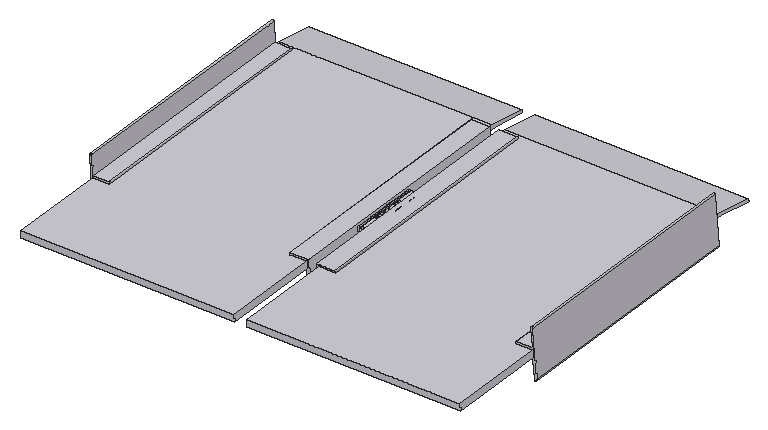
Revit family "Ramp_Wheelchair_American-Access_Sidekick-Folding", category Generic Models, Revit 2024
Family settings
  Can host rebar = No
  Round Connector Dimension = Use Diameter
  Part Type = Normal
  OmniClass Number = 23-17.23.11
  Work Plane-Based = Yes
  Always vertical = Yes
  Cut with Voids When Loaded = No
  Maintain Annotation Orientation = No
  Shared = No
  Room Calculation Point = No
Parameters (values of type "SF2")
  Weight Capacity = 800.00 lbf/ft³  # constant formula
  Weight = "12 lbs."
  Warranty Duration (Years) = 3  # constant formula
  Unit Width = 2' - 5"  # constant formula
  Unit Depth = 2' - 0"
  URL = "http://www.arcat.com/arcatcos/cos50/arc50108.html"
  Specification = "http://www.arcat.com/sd/speclist.cgi?coid=50108&mf=04&coname=American%20Access,%20Inc.&speclist=055120ame.05525ame.Modular.Aluminum.Ramps_"
  Send Message = "http://aaramps.com/our-company/contact-us/"
  Sales Information = "http://aaramps.com/dealer-access/find-a-dealer/  ---  http://aaramps.com/residential-ramps/"
  Revision = "R0_03-2018"
  Ramp Slope [instance] = 5.00°
  Ramp Material = American Access_Aluminum Deck-Sidekick
  Product Properties = "http://www.arcat.com/bim/bim_info.pl?fn="
  Product Data = "http://aaramps.com/commercial-ramps/"
  Post Material = American Access_Aluminum
  OmniClass Title = "Ramps"
  OmniClass Number = ""
  Model = "SF2"
  Manufacturer Website = "www.aaramps.com"
  Manufacturer Phone = "888-790-9269"
  Manufacturer Fax = "866-734-7267"
  Manufacturer Email = "http://aaramps.com/our-company/contact-us/"
  Manufacturer Address = "3150 Stage Post Dr.Suite 101 Bartlett, TN 38133"
  Manufacturer = "American Access, Inc."
  Keynote = "05 51 20"
  Installation-Fabrication = "http://www.arcat.com/catalogs/ameracc/patriot-modularramp/html5/index.html?coid=50108"
  Installation Phase = "Modular Aluminum Ramps"
  Drawn By = "Sumex Design, Inc. / Robert S. Weygant, CSI, CDT, SCIP"
  Description = "American Access Sidekick Foldable Threshold Ramp - 24 x 34"
  Default Elevation = 4' - 0"
  Cost = 0
  Copyright = "2018 ARCAT, Inc."
  Construction Details = "http://www.arcat.com/content?coid=50108&w=ameracc&prodid=167770&mf=&type=cad&qstr=3645"
  Company_ID = 50108
  Building Codes = "http://aaramps.com/resources/"
  Assembly Code = "F1010200"
Types (5): name | Weight | Unit Depth | Ramp Slope | Model | Description
  SF3 | "18 lbs." | 3' - 0" | 1.00° | "SF3" | "American Access Sidekick Foldable Threshold Ramp - 36 x 34"
  SF4 | "24 lbs." | 4' - 0" | 1.00° | "SF3" | "American Access Sidekick Foldable Threshold Ramp - 48 x 34"
  SF5 | "31 lbs." | 5' - 0" | 1.00° | "SF5" | "American Access Sidekick Foldable Threshold Ramp - 60 x 34"
  SF6 | "37 lbs." | 6' - 0" | 1.00° | "SF6" | "American Access Sidekick Foldable Threshold Ramp - 72 x 34"
  SF2 | "12 lbs." | 2' - 0" | 5.00° | "SF2" | "American Access Sidekick Foldable Threshold Ramp - 24 x 34"
Reference planes (in)
  plane 1 "Center (Front/Back)": y = 7.5
  plane 2: z = 0
  plane 3 "Center (Left/Right)": x = 0
  plane 4: x = -14.5
  plane 5: x = 14.5
  plane 6: y = 0
  plane 7: y = 15
  plane 8: z = -13
  plane 9: y = -6
  plane 10: y = 18
  plane 11: x = -0.41016
  plane 12: x = 0.41016
  plane 13: y = 4
  plane 14: y = 8
Forms (in)
  Extrusion 1, solid, material "American Access_Aluminum Deck-Sidekick" <- "Ramp Material"
    sketch origin (0, 5.77498, 2.78409) x (0, -0.996195, -0.087156) y (0, 0.087156, -0.996195)
      loop
        line (11.83471, -0.00859) -> (11.83849, 0.42476) -> (-8.97133, 0.42476) -> (-8.97133, 0.20808) -> (-9.78242, 0.20808) -> (-11.97944, 0.59199) -> (-11.98093, 0.42062) -> (-9.52469, -0.00859) -> (11.83471, -0.00859)
    from -14.5 to -0.41016
  Sweep 2, solid, material "American Access_Aluminum"
    path origin (0, -23.9868, 0) x (0, 0.99173, 0.128345) y (0, -0.128345, 0.99173)
      loop
        line (39.09785, -1.65413) -> (24.05348, -1.03043)
    profile origin (0, 7.5, 2.72139) x (0, 0.087156, -0.996195) y (1, 0, 0)
      loop
        line (-0.21667, -14.5) -> (-0.21667, -13.43)
        spline (-0.21667, -13.43) -> (-0.21871, -13.41447) -> (-0.22468, -13.4) -> (-0.23418, -13.38757) -> (-0.24656, -13.37804) -> (-0.26097, -13.37204) -> (-0.27644, -13.37) -> (-0.29191, -13.37204) -> (-0.30633, -13.37804) -> (-0.31871, -13.38757) -> (-0.32821, -13.4) -> (-0.33418, -13.41447) -> (-0.33622, -13.43)
        line (-0.33622, -13.43) -> (-0.33622, -14.5) -> (-1.5964, -14.5)
        spline (-1.5964, -14.5) -> (-1.61187, -14.50204) -> (-1.62629, -14.50804) -> (-1.63867, -14.51757) -> (-1.64817, -14.53) -> (-1.65414, -14.54447) -> (-1.65617, -14.56) -> (-1.65414, -14.57553) -> (-1.64817, -14.59) -> (-1.63867, -14.60243) -> (-1.62629, -14.61196) -> (-1.61187, -14.61796) -> (-1.5964, -14.62)
        line (-1.5964, -14.62) -> (1.5964, -14.62)
        spline (1.5964, -14.62) -> (1.61187, -14.61796) -> (1.62629, -14.61196) -> (1.63867, -14.60243) -> (1.64817, -14.59) -> (1.65414, -14.57553) -> (1.65617, -14.56) -> (1.65414, -14.54447) -> (1.64817, -14.53) -> (1.63867, -14.51757) -> (1.62629, -14.50804) -> (1.61187, -14.50204) -> (1.5964, -14.5)
        line (1.5964, -14.5) -> (0.33622, -14.5) -> (0.33622, -13.43)
        spline (0.33622, -13.43) -> (0.33418, -13.41447) -> (0.32821, -13.4) -> (0.31871, -13.38757) -> (0.30633, -13.37804) -> (0.29191, -13.37204) -> (0.27644, -13.37) -> (0.26097, -13.37204) -> (0.24656, -13.37804) -> (0.23418, -13.38757) -> (0.22468, -13.4) -> (0.21871, -13.41447) -> (0.21667, -13.43)
        line (0.21667, -13.43) -> (0.21667, -14.5) -> (-0.21667, -14.5)
      loop
        line (-0.21667, 14.5) -> (0.21667, 14.5) -> (0.21667, 13.43)
        spline (0.21667, 13.43) -> (0.21871, 13.41447) -> (0.22468, 13.4) -> (0.23418, 13.38757) -> (0.24656, 13.37804) -> (0.26097, 13.37204) -> (0.27644, 13.37) -> (0.29191, 13.37204) -> (0.30633, 13.37804) -> (0.31871, 13.38757) -> (0.32821, 13.4) -> (0.33418, 13.41447) -> (0.33622, 13.43)
        line (0.33622, 13.43) -> (0.33622, 14.5) -> (1.5964, 14.5)
        spline (1.5964, 14.5) -> (1.61187, 14.50204) -> (1.62629, 14.50804) -> (1.63867, 14.51757) -> (1.64817, 14.53) -> (1.65414, 14.54447) -> (1.65617, 14.56) -> (1.65414, 14.57553) -> (1.64817, 14.59) -> (1.63867, 14.60243) -> (1.62629, 14.61196) -> (1.61187, 14.61796) -> (1.5964, 14.62)
        line (1.5964, 14.62) -> (-1.5964, 14.62)
        spline (-1.5964, 14.62) -> (-1.61187, 14.61796) -> (-1.62629, 14.61196) -> (-1.63867, 14.60243) -> (-1.64817, 14.59) -> (-1.65414, 14.57553) -> (-1.65617, 14.56) -> (-1.65414, 14.54447) -> (-1.64817, 14.53) -> (-1.63867, 14.51757) -> (-1.62629, 14.50804) -> (-1.61187, 14.50204) -> (-1.5964, 14.5)
        line (-1.5964, 14.5) -> (-0.33622, 14.5) -> (-0.33622, 13.43)
        spline (-0.33622, 13.43) -> (-0.33418, 13.41447) -> (-0.32821, 13.4) -> (-0.31871, 13.38757) -> (-0.30633, 13.37804) -> (-0.29191, 13.37204) -> (-0.27644, 13.37) -> (-0.26097, 13.37204) -> (-0.24656, 13.37804) -> (-0.23418, 13.38757) -> (-0.22468, 13.4) -> (-0.21871, 13.41447) -> (-0.21667, 13.43)
        line (-0.21667, 13.43) -> (-0.21667, 14.5)
      loop
        line (1.5989, -0.29016) -> (-0.34081, -0.29016) -> (-0.34081, -1.48016)
        spline (-0.34081, -1.48016) -> (-0.33877, -1.49569) -> (-0.33277, -1.51016) -> (-0.32324, -1.52259) -> (-0.31081, -1.53212) -> (-0.29635, -1.53812) -> (-0.28082, -1.54016) -> (-0.26529, -1.53812) -> (-0.25082, -1.53212) -> (-0.2384, -1.52259) -> (-0.22886, -1.51016) -> (-0.22287, -1.49569) -> (-0.22083, -1.48016)
        line (-0.22083, -1.48016) -> (-0.22083, -0.41016) -> (0.21111, -0.41016) -> (0.21111, -1.48016)
        spline (0.21111, -1.48016) -> (0.21315, -1.49569) -> (0.21914, -1.51016) -> (0.22868, -1.52259) -> (0.2411, -1.53212) -> (0.25557, -1.53812) -> (0.2711, -1.54016) -> (0.28662, -1.53812) -> (0.30109, -1.53212) -> (0.31352, -1.52259) -> (0.32305, -1.51016) -> (0.32904, -1.49569) -> (0.33109, -1.48016)
        line (0.33109, -1.48016) -> (0.33109, -0.41016) -> (1.5989, -0.41016)
        spline (1.5989, -0.41016) -> (1.61442, -0.40812) -> (1.62889, -0.40212) -> (1.64132, -0.39259) -> (1.65085, -0.38016) -> (1.65684, -0.36569) -> (1.65889, -0.35016) -> (1.65684, -0.33463) -> (1.65085, -0.32016) -> (1.64132, -0.30773) -> (1.62889, -0.2982) -> (1.61442, -0.29221) -> (1.5989, -0.29016)
      loop
        spline (1.5989, 0.29016) -> (1.61442, 0.29221) -> (1.62889, 0.2982) -> (1.64132, 0.30773) -> (1.65085, 0.32016) -> (1.65684, 0.33463) -> (1.65889, 0.35016) -> (1.65684, 0.36569) -> (1.65085, 0.38016) -> (1.64132, 0.39259) -> (1.62889, 0.40212) -> (1.61442, 0.40812) -> (1.5989, 0.41016)
        line (1.5989, 0.41016) -> (0.33109, 0.41016) -> (0.33109, 1.48016)
        spline (0.33109, 1.48016) -> (0.32904, 1.49569) -> (0.32305, 1.51016) -> (0.31352, 1.52259) -> (0.30109, 1.53212) -> (0.28662, 1.53812) -> (0.2711, 1.54016) -> (0.25557, 1.53812) -> (0.2411, 1.53212) -> (0.22868, 1.52259) -> (0.21914, 1.51016) -> (0.21315, 1.49569) -> (0.21111, 1.48016)
        line (0.21111, 1.48016) -> (0.21111, 0.41016) -> (-0.22083, 0.41016) -> (-0.22083, 1.48016)
        spline (-0.22083, 1.48016) -> (-0.22287, 1.49569) -> (-0.22886, 1.51016) -> (-0.2384, 1.52259) -> (-0.25082, 1.53212) -> (-0.26529, 1.53812) -> (-0.28082, 1.54016) -> (-0.29635, 1.53812) -> (-0.31081, 1.53212) -> (-0.32324, 1.52259) -> (-0.33277, 1.51016) -> (-0.33877, 1.49569) -> (-0.34081, 1.48016)
        line (-0.34081, 1.48016) -> (-0.34081, 0.29016) -> (1.5989, 0.29016)
  Extrusion 3, solid, material "American Access_Aluminum Deck-Sidekick" <- "Ramp Material"
    sketch origin (0, 5.77498, 2.78409) x (0, -0.996195, -0.087156) y (0, -0.087156, 0.996195)
      loop
        line (11.83471, 0.00859) -> (-9.52469, 0.00859) -> (-11.98093, -0.42062) -> (-11.97944, -0.59199) -> (-9.78242, -0.20808) -> (-8.97133, -0.20808) -> (-8.97133, -0.42476) -> (11.83849, -0.42476) -> (11.83471, 0.00859)
    from -14.5 to -0.41016
  Sweep 4, solid, material "American Access_Aluminum"
    path origin (0, -53.94883, -2.65468) x (0, 0.996195, 0.087156) y (0, -0.087156, 0.996195)
      loop
        line (60.73683, 0) -> (62.23683, 0)
    profile origin (0, 7.30403, 2.70425) x (0, -0.087156, 0.996195) y (1, 0, 0)
      loop
        arc (0.21382, -0.06105) -> (-0.03094, -0.00165) -> (0.21224, 0.06394) r 0.13
        line (0.21224, 0.06394) -> (0.3403, 0.06557)
        arc (0.3403, 0.06557) -> (0.08456, 0.24958) -> (-0.14817, 0.03721) r 0.25
        arc (-0.14817, 0.03721) -> (-0.58878, 0.22606) -> (-1.06379, 0.29056) r 1.78125
        line (-1.06379, 0.29056) -> (-1.78254, 0.29056)
        arc (-1.78254, 0.29056) -> (-1.80464, 0.28141) -> (-1.81379, 0.25931) r 0.03125
        line (-1.81379, 0.25931) -> (-1.81379, 0.18119)
        arc (-1.81379, 0.18119) -> (-1.80464, 0.15909) -> (-1.78254, 0.14994) r 0.03125
        line (-1.78254, 0.14994) -> (-1.06379, 0.14994)
        arc (-1.06379, 0.14994) -> (-0.53197, 0.06135) -> (-0.05758, -0.19486) r 1.64062
        arc (-0.05758, -0.19486) -> (0.17932, -0.23676) -> (0.34188, -0.05942) r 0.25
        line (0.34188, -0.05942) -> (0.21382, -0.06105)
  Sweep 5, solid, material "American Access_Aluminum"
    path origin (0, -103.01142, -6.9471) x (0, 0.996195, 0.087156) y (0, -0.087156, 0.996195)
      loop
        line (108.92018, 0) -> (110.42018, 0)
    profile origin (0, 6.24144, 2.61128) x (0, -0.087156, 0.996195) y (1, 0, 0)
      loop
        arc (0.21382, -0.06105) -> (-0.03094, -0.00165) -> (0.21224, 0.06394) r 0.13
        line (0.21224, 0.06394) -> (0.3403, 0.06557)
        arc (0.3403, 0.06557) -> (0.08456, 0.24958) -> (-0.14817, 0.03721) r 0.25
        arc (-0.14817, 0.03721) -> (-0.58878, 0.22606) -> (-1.06379, 0.29056) r 1.78125
        line (-1.06379, 0.29056) -> (-1.78254, 0.29056)
        arc (-1.78254, 0.29056) -> (-1.80464, 0.28141) -> (-1.81379, 0.25931) r 0.03125
        line (-1.81379, 0.25931) -> (-1.81379, 0.18119)
        arc (-1.81379, 0.18119) -> (-1.80464, 0.15909) -> (-1.78254, 0.14994) r 0.03125
        line (-1.78254, 0.14994) -> (-1.06379, 0.14994)
        arc (-1.06379, 0.14994) -> (-0.53197, 0.06135) -> (-0.05758, -0.19486) r 1.64062
        arc (-0.05758, -0.19486) -> (0.17932, -0.23676) -> (0.34188, -0.05942) r 0.25
        line (0.34188, -0.05942) -> (0.21382, -0.06105)
  Sweep 6, solid, material "American Access_Aluminum"
    path origin (0, 18, 3.64002) x (0, -0.996195, -0.087156) y (0, 0.087156, -0.996195)
      loop
        line (12.55348, 0) -> (14.05348, 0)
    profile origin (0, 4.74715, 2.48055) x (0, 0.087156, -0.996195) y (1, 0, 0)
      loop
        line (-0.21224, -0.06394) -> (-0.3403, -0.06557)
        arc (-0.3403, -0.06557) -> (-0.08456, -0.24958) -> (0.14817, -0.03721) r 0.25
        arc (0.14817, -0.03721) -> (0.58878, -0.22606) -> (1.06379, -0.29056) r 1.78125
        line (1.06379, -0.29056) -> (1.78254, -0.29056)
        arc (1.78254, -0.29056) -> (1.80464, -0.28141) -> (1.81379, -0.25931) r 0.03125
        line (1.81379, -0.25931) -> (1.81379, -0.18119)
        arc (1.81379, -0.18119) -> (1.80464, -0.15909) -> (1.78254, -0.14994) r 0.03125
        line (1.78254, -0.14994) -> (1.06379, -0.14994)
        arc (1.06379, -0.14994) -> (0.53197, -0.06135) -> (0.05758, 0.19486) r 1.64062
        arc (0.05758, 0.19486) -> (-0.17932, 0.23676) -> (-0.34188, 0.05942) r 0.25
        line (-0.34188, 0.05942) -> (-0.21382, 0.06105)
        arc (-0.21382, 0.06105) -> (0.03094, 0.00165) -> (-0.21224, -0.06394) r 0.13
  Sweep 7, solid, material "American Access_Aluminum"
    path origin (0, 18, 3.64002) x (0, -0.996195, -0.087156) y (0, 0.087156, -0.996195)
      loop
        line (11.48683, 0) -> (12.98683, 0)
    profile origin (0, 5.80973, 2.57351) x (0, 0.087156, -0.996195) y (1, 0, 0)
      loop
        line (-0.21224, -0.06394) -> (-0.3403, -0.06557)
        arc (-0.3403, -0.06557) -> (-0.08456, -0.24958) -> (0.14817, -0.03721) r 0.25
        arc (0.14817, -0.03721) -> (0.58878, -0.22606) -> (1.06379, -0.29056) r 1.78125
        line (1.06379, -0.29056) -> (1.78254, -0.29056)
        arc (1.78254, -0.29056) -> (1.80464, -0.28141) -> (1.81379, -0.25931) r 0.03125
        line (1.81379, -0.25931) -> (1.81379, -0.18119)
        arc (1.81379, -0.18119) -> (1.80464, -0.15909) -> (1.78254, -0.14994) r 0.03125
        line (1.78254, -0.14994) -> (1.06379, -0.14994)
        arc (1.06379, -0.14994) -> (0.53197, -0.06135) -> (0.05758, 0.19486) r 1.64062
        arc (0.05758, 0.19486) -> (-0.17932, 0.23676) -> (-0.34188, 0.05942) r 0.25
        line (-0.34188, 0.05942) -> (-0.21382, 0.06105)
        arc (-0.21382, 0.06105) -> (0.03094, 0.00165) -> (-0.21224, -0.06394) r 0.13
Lines and regions (in)
  reference lines
    curve 1: line (0, 18, 3.64002) -> (0, -6, 1.5403)
  model lines
    curve 2: line (0, 5.49699, 2.51508) -> (0, 4, 2.41518)
Dimensions and locks (in)
  equal spacing: plane 4, plane 3 "Center (Left/Right)", plane 5
  "Unit Width": plane 4 to plane 5
  locked: plane 10 to plane 7 at 3
  locked: plane 6 to plane 9 at 6
  "Unit Depth": plane 9 to plane 10
  equal spacing: plane 7, plane 1 "Center (Front/Back)", plane 6
  locked: plane 9 to plane 13 at 10
  locked: plane 10 to plane 14 at 10
  "Ramp Slope": angle curve 1 to plane 2
  aligned and locked: plane 10 to curve 1
  aligned and locked: curve 1 to Sweep 2 sketch curve
  aligned and locked: plane 7 to Sweep 2 sketch curve
  aligned and locked: plane 6 to Sweep 2 sketch curve
  aligned and locked: Extrusion 1 to plane 4
  aligned and locked: plane 9 to curve 1
  aligned and locked: plane 11 to Extrusion 1
  aligned and locked: Extrusion 1 to plane 11
  aligned and locked: plane 12 to Extrusion 3
  aligned and locked: plane 5 to Extrusion 3
  aligned and locked: curve 1 to Sweep 6 sketch curve
  aligned and locked: Sweep 5 to Sweep 6 sketch curve
  aligned and locked: plane 13 to Sweep 6 sketch curve
Automatic sketch dimensions
  curve 1 to Extrusion 1 sketch curve = 0' - 0.27217"
  Extrusion 1 sketch curve to Extrusion 1 sketch curve = 0' - 0.0015"
  curve 1 to Extrusion 1 sketch curve = 0' - 0.00472"
  Extrusion 1 sketch curve to Extrusion 1 sketch curve = 0' - 2.19851"
  Extrusion 1 sketch curve to Extrusion 1 sketch curve = 0' - 0.25773"
  Extrusion 1 sketch curve to curve 1 = 0' - 0.21195"
  Extrusion 1 sketch curve to Extrusion 1 sketch curve = 0' - 0.55337"
  Extrusion 1 sketch curve to curve 1 = 0' - 0.00386"
  Extrusion 1 sketch curve to curve 1 = 0' - 0.00008"
  curve 1 to Extrusion 1 sketch curve = 0' - 0.22139"
  Extrusion 1 sketch curve to curve 1 = 0' - 0.20782"
  Extrusion 1 sketch curve to Extrusion 1 sketch curve = 0' - 0.17137"
  profile plane to Sweep 2 sketch curve = 0' - 1.5964"  (x2)
  profile plane to Sweep 2 sketch curve = 0' - 0.34081"  (x2)
  profile plane to Sweep 2 sketch curve = 0' - 0.33622"  (x2)
  Sweep 2 sketch curve to Sweep 2 sketch curve = 0' - 0.11998"  (x4)
  Sweep 2 sketch curve to Sweep 2 sketch curve = 0' - 0.11954"  (x4)
  Sweep 2 sketch curve to profile plane = 0' - 0.21111"  (x2)
  Sweep 2 sketch curve to profile plane = 0' - 0.21667"  (x2)
  Sweep 2 sketch curve to Sweep 2 sketch curve = 0' - 1.26019"  (x2)
  Sweep 2 sketch curve to Sweep 2 sketch curve = 0' - 1.26781"
  profile plane to Sweep 2 sketch curve = 0' - 0.29016"
  Sweep 2 sketch curve to Sweep 2 sketch curve = 0' - 0"  (x11)
  Sweep 2 sketch curve to Sweep 2 sketch curve = 0' - 1.07"  (x4)
  Sweep 2 sketch curve to Sweep 2 sketch curve = 0' - 11.94984"  (x2)
  Sweep 2 sketch curve to Sweep 2 sketch curve = 0' - 0.12"  (x4)
  Sweep 2 sketch curve to Sweep 2 sketch curve = 0' - 0.06"  (x8)
  curve 1 to Extrusion 3 sketch curve = 0' - 0.27217"
  Extrusion 3 sketch curve to Extrusion 3 sketch curve = 0' - 0.0015"
  Extrusion 3 sketch curve to curve 1 = 0' - 0.00472"
  Extrusion 3 sketch curve to Extrusion 3 sketch curve = 0' - 2.19851"
  Extrusion 3 sketch curve to Extrusion 3 sketch curve = 0' - 0.25773"
  curve 1 to Extrusion 3 sketch curve = 0' - 0.21195"
  Extrusion 3 sketch curve to Extrusion 3 sketch curve = 0' - 0.55337"
  Extrusion 3 sketch curve to curve 1 = 0' - 0.00386"
  Extrusion 3 sketch curve to curve 1 = 0' - 0.00008"
  Extrusion 3 sketch curve to curve 1 = 0' - 0.37919"
  Extrusion 3 sketch curve to Extrusion 3 sketch curve = 0' - 0.17137"
  Extrusion 3 sketch curve to curve 1 = 0' - 0.22139"
  Sweep 4 sketch curve to curve 1 = 0' - 0"
  Sweep 4 sketch curve to curve 1 = 0' - 11.48683"
  Sweep 4 sketch curve to Sweep 4 sketch curve = 0' - 1 1/2"
  Sweep 4 sketch curve to Sweep 4 sketch curve = 0' - 0"  (x8)
  Sweep 4 sketch curve to profile plane = 0' - 0"
  profile plane to Sweep 4 sketch curve = 0' - 0.25931"
  profile plane to Sweep 4 sketch curve = 0' - 1.81379"
  Sweep 4 sketch curve to Sweep 4 sketch curve = 0' - 0 1/32"  (x2)
  profile plane to Sweep 4 sketch curve = 0' - 0.14994"
  Sweep 4 sketch curve to Sweep 4 sketch curve = 0' - 0 23/32"
  Sweep 4 sketch curve to profile plane = 0' - 0.09905"
  profile plane to Sweep 4 sketch curve = 0' - 0.06394"
  Sweep 4 sketch curve to Sweep 4 sketch curve = 0' - 0.11319"
  Sweep 4 sketch curve to profile plane = 0' - 0.06105"
  profile plane to Sweep 4 sketch curve = 0' - 0.06557"
  Sweep 4 sketch curve to Sweep 4 sketch curve = 0' - 0.12806"
  Sweep 4 sketch curve to profile plane = 0' - 0.05942"
  Sweep 4 sketch curve to Sweep 4 sketch curve = 0' - 0.00159"
  Sweep 4 sketch curve to profile plane = 0' - 1.49069"
  Sweep 5 sketch curve to curve 1 = 0' - 0"
  curve 1 to Sweep 5 sketch curve = 0' - 11.5382"
  Sweep 5 sketch curve to Sweep 5 sketch curve = 0' - 1 1/2"
  Sweep 5 sketch curve to Sweep 5 sketch curve = 0' - 0"  (x8)
  Sweep 5 sketch curve to profile plane = 0' - 0"
  profile plane to Sweep 5 sketch curve = 0' - 0.25931"
  profile plane to Sweep 5 sketch curve = 0' - 1.81379"
  Sweep 5 sketch curve to Sweep 5 sketch curve = 0' - 0 1/32"  (x2)
  profile plane to Sweep 5 sketch curve = 0' - 0.14994"
  Sweep 5 sketch curve to Sweep 5 sketch curve = 0' - 0 23/32"
  Sweep 5 sketch curve to profile plane = 0' - 0.09905"
  profile plane to Sweep 5 sketch curve = 0' - 0.06394"
  Sweep 5 sketch curve to Sweep 5 sketch curve = 0' - 0.11319"
  Sweep 5 sketch curve to profile plane = 0' - 0.06105"
  profile plane to Sweep 5 sketch curve = 0' - 0.06557"
  Sweep 5 sketch curve to Sweep 5 sketch curve = 0' - 0.12806"
  Sweep 5 sketch curve to profile plane = 0' - 0.05942"
  Sweep 5 sketch curve to Sweep 5 sketch curve = 0' - 0.00159"
  Sweep 5 sketch curve to profile plane = 0' - 1.49069"
  curve 2 to curve 1 = 0' - 0"
  curve 2 to curve 1 = 0' - 0.03095"
  curve 2 to curve 1 = 0' - 11.5382"
  curve 2 to curve 2 = 0' - 1 1/2"
  Sweep 6 sketch curve to Sweep 6 sketch curve = 0' - 0"  (x9)
  Sweep 6 sketch curve to profile plane = 0' - 0"
  profile plane to Sweep 6 sketch curve = 0' - 0.05942"
  profile plane to Sweep 6 sketch curve = 0' - 0.34188"
  Sweep 6 sketch curve to profile plane = 0' - 0.06557"
  Sweep 6 sketch curve to Sweep 6 sketch curve = 0' - 0.00159"  (x2)
  profile plane to Sweep 6 sketch curve = 0' - 0.06105"
  Sweep 6 sketch curve to Sweep 6 sketch curve = 0' - 0.12806"
  Sweep 6 sketch curve to profile plane = 0' - 0.06394"
  Sweep 6 sketch curve to profile plane = 0' - 1.06379"
  Sweep 6 sketch curve to profile plane = 0' - 0.18119"
  Sweep 6 sketch curve to Sweep 6 sketch curve = 0' - 0 23/32"
  Sweep 6 sketch curve to Sweep 6 sketch curve = 0' - 0 1/32"
  Sweep 6 sketch curve to Sweep 6 sketch curve = 0' - 0 5/64"
  profile plane to Sweep 6 sketch curve = 0' - 1.49069"
  Sweep 7 sketch curve to Sweep 7 sketch curve = 0' - 0"  (x9)
  Sweep 7 sketch curve to profile plane = 0' - 0"
  profile plane to Sweep 7 sketch curve = 0' - 0.05942"
  profile plane to Sweep 7 sketch curve = 0' - 0.34188"
  Sweep 7 sketch curve to profile plane = 0' - 0.06557"
  Sweep 7 sketch curve to Sweep 7 sketch curve = 0' - 0.00159"  (x2)
  profile plane to Sweep 7 sketch curve = 0' - 0.06105"
  Sweep 7 sketch curve to Sweep 7 sketch curve = 0' - 0.12806"
  Sweep 7 sketch curve to profile plane = 0' - 0.06394"
  Sweep 7 sketch curve to profile plane = 0' - 1.06379"
  Sweep 7 sketch curve to profile plane = 0' - 0.18119"
  Sweep 7 sketch curve to Sweep 7 sketch curve = 0' - 0 23/32"
  Sweep 7 sketch curve to Sweep 7 sketch curve = 0' - 0 1/32"
  Sweep 7 sketch curve to Sweep 7 sketch curve = 0' - 0 5/64"
  profile plane to Sweep 7 sketch curve = 0' - 1.49069"
  Sweep 7 sketch curve to curve 1 = 0' - 0"
  curve 1 to Sweep 7 sketch curve = 0' - 11.48683"
  Sweep 7 sketch curve to Sweep 7 sketch curve = 0' - 1 1/2"
  Sweep 2 sketch curve to profile plane = 0' - 0.29016"
  level to curve 1 = 0' - 1.5403"
